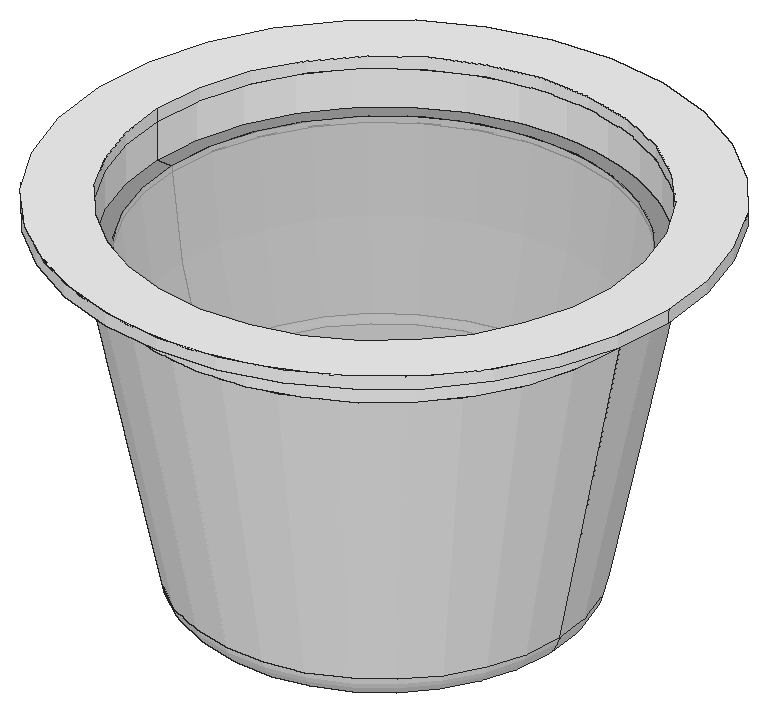
Revit family "2059156 Lighting Fixture_Sylvania_Ascent 100 Deco(120)-High Output_Ceiling Recessed", category Lighting Fixtures, host Face, Revit 2017
Family settings
  Host = Face
  Round Connector Dimension = Use Diameter
  Part Type = Normal
  OmniClass Number = 23.80.70.11.17
  OmniClass Title = Specialized Lighting by Location or Use
  Cut with Voids When Loaded = No
  Light Source = Yes
  Shared = No
  Room Calculation Point = No
Parameters (values of type "Asct100 Deco HO 3K STDEMG 120")
  Reflector Radius = Radius - 15.0 mm  # 60.0 mm
  Reflector Material = Aluminium_Sylvania_Ascent_Silver
  Radius = 75.0 mm
  Life = "50 000h"  # constant formula
  IP Rating = "IP44"  # constant formula
  IK Rating = "IK02"  # constant formula
  Height = 94.0 mm
  Wattage = 1.56173 W
  built-in parameter 1150110 = 1 (stored number, unit not read)
  Voltage Comments = "UNV (Universal Voltage; 220-240 Volt)"  # constant formula
  Voltage = 240 V  # constant formula
  URL = "https://www.sylvania-lighting.com/"
  built-in parameter 1114217 = 1 (stored number, unit not read)
  Tilt Angle = -90°
  built-in parameter 1150109 = 1 (stored number, unit not read)
  built-in parameter 1150134 = (empty or 0)
  built-in parameter 1150113 = 1 (stored number, unit not read)
  Product Page URL = "https://www.sylvania-lighting.com/product/en-int/products/2059156"
  Product Family = "Ascent 100 Deco (120) - High Output"  # constant formula
  Photometry Comments = ""
  Photometric Web File = "2059156_Asct100DecoHO3KSTDEMG120-188860.ies"
  Glow Wire Test = 850 °C
  Emit from Circle Diameter = 2 * Diffuser Radius  # 112.0 mm
  Emit Shape Visible in Rendering = no
  Drive Current = "500mA"  # constant formula
  Diffuser Radius = Reflector Radius - 4.0 mm  # 56.0 mm
  Diffuser Material = Polycarbonate_Sylvania_Ascent_Clear
  Diameter = 2 * Radius  # 150.0 mm
  Cutout Diameter = Diameter - 11.0 mm  # 139.0 mm
  built-in parameter 1114216 [instance] = 1 (stored number, unit not read)
  Model = "Asct100 Deco HO 3K STDEMG 120"
  Manufacturer = "Feilo-Sylvania Group"
  built-in parameter 1150105 = 87.876 (stored number, unit not read)
  Lumens = 158 lm
  built-in parameter 1150115 = 1 (stored number, unit not read)
  built-in parameter 1150137 = (empty or 0)
  built-in parameter 1150139 = (empty or 0)
  built-in parameter 1150112 = 1 (stored number, unit not read)
  built-in parameter 1150114 = 1 (stored number, unit not read)
  Lamp = "Integrated LED"
  built-in parameter 1150132 = 2
  built-in parameter 1150102 = (empty or 0)
  built-in parameter 1150107 = 3000 (stored number, unit not read)
  built-in parameter 1150138 = (empty or 0)
  built-in parameter 1150106 = 0.87876 (stored number, unit not read)
  Body Material = Aluminum_Sylvania_Ascent_White
  built-in parameter 1150104 = 9.399 (stored number, unit not read)
  Dimming Lamp Color Temperature Shift = <None>
  Description = "Direct LED retro fit for original LED 100 Deco (120) single CFL lamp offering Matching lumen levels and improved light distribution of original LED 100 CFL lamp equivalents Typically half the power consumption compared to CFL Up to 104lm/W 120mm aperture Decorative reflector accepts snap fit polycarbonate accessories from existing LED 100 Deco 120 offering New kometa accessory ring creates a diffused indirect halo of light onto the ceiling for decorative effect HE, HO and VHO versions equivalent of single 1 x 13W, 1 x 18W, 1 x 26W Additional VVHO versions which offer the performance circa 2 x 26W equivalent"  # constant formula
  Default Elevation = 0.0 mm
  Color Filter = 16777215
  Catalog Number = "2059156 Asct100 Deco HO 3K STDEMG 120"
  built-in parameter 1140040 [instance] = 1
  built-in parameter 1114218 = 1 (stored number, unit not read)
  built-in parameter 1150133 = 10 (stored number, unit not read)
  Assembly Code = "D5020200"
  Apparent Load Comments = ""
  Apparent Load = 9 VA
  Aperture = 2 * Reflector Radius  # 120.0 mm
Reference planes
  plane 1 "Center (Front/Back)": y = 0
  plane 2: z = 0
  plane 3 "Center (Left/Right)": x = 0
  plane 4 "Fixture Bottom": z = 3
  plane 5: z = -53.5
  plane 6 "Fixture Top": z = -91
  plane 7: z = -9
  plane 8: z = -10.5
Forms (mm)
  Extrusion 1, solid, material "Aluminum_Sylvania_Ascent_White" <- "Body Material", detail levels fine
    sketch origin (0, 0, 0) x (1, 0, 0) y (0, 1, 0)
      loop
        circle (0, 0) r 75
      loop
        circle (0, 0) r 60
    from 0 to 3
  Extrusion 2, void
    sketch origin (0, 0, 0) x (1, 0, 0) y (0, 1, 0)
      loop
        circle (0, 0) r 69.5
    from -91 to 3
  Revolve 3, solid, material "Aluminum_Sylvania_Ascent_White" <- "Body Material", detail levels fine
    sketch origin (0, 0, 0) x (1, 0, 0) y (0, 0, 1)
      loop
        line (-62, 0) -> (-62, -10.5) -> (-46.236, -84.663)
        arc (-46.236, -84.663) -> (-43.445, -89.217) -> (-38.411, -91) r 8
        line (-38.411, -91) -> (0, -91) -> (0, -89) -> (-38.456, -89)
        arc (-38.456, -89) -> (-42.232, -87.663) -> (-44.324, -84.247) r 6
        line (-44.324, -84.247) -> (-60, -10.5) -> (-60, 0) -> (-62, 0)
      axis (0, -91) -> (0, 0)
    angle from 0 to 360
  Revolve 4, solid, material "Aluminium_Sylvania_Ascent_Silver" <- "Reflector Material", detail levels fine
    sketch origin (0, 0, 0) x (1, 0, 0) y (0, 0, 1)
      loop
        line (-60, -9) -> (-60, -10.5) -> (-57, -10.5)
        arc (-57, -10.5) -> (-54.319, -31.239) -> (-48.971, -51.454) r 160.868
        arc (-48.971, -51.454) -> (-47.878, -52.935) -> (-46.127, -53.5) r 3
        line (-46.127, -53.5) -> (-38, -53.5)
        arc (-38, -53.5) -> (-36.855, -62.037) -> (-33.5, -69.971) r 32.394
        line (-33.5, -69.971) -> (0, -69.971) -> (0, -52.5) -> (-46.127, -52.5)
        arc (-46.127, -52.5) -> (-47.294, -52.124) -> (-48.023, -51.136) r 2
        arc (-48.023, -51.136) -> (-53.335, -31.062) -> (-56, -10.468) r 159.868
        line (-56, -10.468) -> (-56, -9) -> (-60, -9)
      axis (0, -9) -> (0, -69.971)
    angle from 0 to 360
  Extrusion 5, solid, material "Polycarbonate_Sylvania_Ascent_Clear" <- "Diffuser Material", detail levels fine
    sketch origin (0, 0, 0) x (1, 0, 0) y (0, 1, 0)
      loop
        circle (0, 0) r 56
    from -10.5 to -9
  Revolve 6, solid, material "Aluminum_Sylvania_Ascent_White" <- "Body Material", detail levels coarse+medium
    sketch origin (0, 0, 0) x (1, 0, 0) y (0, 0, 1)
      loop
        line (-75, 0) -> (-62, 0) -> (-62, -10.5) -> (-46.236, -84.663)
        arc (-46.236, -84.663) -> (-43.445, -89.217) -> (-38.411, -91) r 8
        line (-38.411, -91) -> (0, -91) -> (0, 3) -> (-75, 3) -> (-75, 0)
      axis (0, -91) -> (0, 3)
    angle from 0 to 360
Cuts and joins
  joined: Extrusion 1, Revolve 3
Dimensions and locks
  plane 4 "Fixture Bottom" to plane 2 to plane 7 to plane 8 to plane 5 = 3.0 mm locked, 9.0 mm locked, 1.5 mm locked, 43.0 mm locked
  "Height": plane 4 "Fixture Bottom" to plane 6 "Fixture Top"
  "Reflector Radius": plane 3 "Center (Left/Right)" to Revolve 4 sketch curve
  Revolve 4 sketch curve to Revolve 4 sketch curve = 4.0 mm
  Revolve 4 sketch curve to Revolve 4 sketch curve = 1.0 mm
  Revolve 4 sketch curve to Revolve 4 sketch curve to Revolve 4 sketch curve to Revolve 4 sketch curve to Revolve 4 sketch curve = 11.029 mm locked, 2.844 mm locked, 8.127 mm locked, 4.5 mm locked
  "Reflector Radius": plane 3 "Center (Left/Right)" to Revolve 3 sketch curve
  locked: Revolve 3 sketch curve to Revolve 3 sketch curve at 2
  Revolve 3 sketch curve to Revolve 3 sketch curve to Revolve 3 sketch curve = 13.764 mm locked, 7.825 mm locked
  "Radius": Revolve 6 sketch curve to plane 3 "Center (Left/Right)"
  Revolve 6 sketch curve to Revolve 6 sketch curve to Revolve 6 sketch curve to Revolve 6 sketch curve = 13.0 mm locked, 15.764 mm locked, 7.825 mm locked
  "Cutout Diameter": diameter of Extrusion 2 sketch curve
  "Reflector Radius": radius of Extrusion 1 sketch curve
  "Diffuser Radius": radius of Extrusion 5 sketch curve
  "Radius": radius of Extrusion 1 sketch curve
  aligned and locked: host face to plane 2
  aligned and locked: host face to level
  aligned and locked: plane 1 "Center (Front/Back)" to imposter light
  aligned and locked: plane 3 "Center (Left/Right)" to imposter light
  aligned and locked: plane 4 "Fixture Bottom" to Extrusion 1
  aligned and locked: Extrusion 1 to plane 2
  aligned and locked: Revolve 4 sketch curve to plane 3 "Center (Left/Right)"  (x2)
  aligned and locked: plane 6 "Fixture Top" to Extrusion 2
  aligned and locked: plane 7 to Revolve 4 sketch curve
  aligned and locked: Revolve 4 sketch curve to plane 8
  aligned and locked: imposter light to Extrusion 2
  aligned and locked: plane 7 to Extrusion 5
  aligned and locked: Extrusion 5 to plane 8
  aligned and locked: imposter light to plane 4 "Fixture Bottom"
  aligned and locked: Revolve 3 sketch curve to plane 2
  aligned and locked: plane 8 to Revolve 3 sketch curve  (x2)
  aligned and locked: Revolve 3 sketch curve to plane 6 "Fixture Top"
  aligned and locked: imposter light to Revolve 3 sketch curve
  aligned and locked: imposter light to Revolve 6 sketch curve
  aligned and locked: Revolve 6 sketch curve to imposter light
Automatic sketch dimensions
  plane 1 "Center (Front/Back)" to Extrusion 2 sketch curve = 0.0 mm
  Extrusion 2 sketch curve to plane 3 "Center (Left/Right)" = 0.0 mm
  Extrusion 1 sketch curve to Extrusion 1 sketch curve = 0.0 mm  (x2)
  plane 1 "Center (Front/Back)" to Extrusion 1 sketch curve = 0.0 mm
  Extrusion 1 sketch curve to plane 3 "Center (Left/Right)" = 0.0 mm
  plane 1 "Center (Front/Back)" to Extrusion 5 sketch curve = 0.0 mm
  Extrusion 5 sketch curve to plane 3 "Center (Left/Right)" = 0.0 mm
  host sketch curve to host sketch curve = 1368.192 mm
  host sketch curve to host sketch curve = 1399.962 mm
  Revolve 4 sketch curve to plane 5 = 0.0 mm
  Revolve 4 sketch curve to plane 5 = 16.471 mm
  plane 8 to Revolve 4 sketch curve = 0.032 mm
  Revolve 4 sketch curve to Revolve 4 sketch curve = 0.0 mm  (x5)
  Revolve 4 sketch curve to level = 0.289 mm
  Revolve 4 sketch curve to Revolve 4 sketch curve = 2.387 mm
  plane 4 "Fixture Bottom" to Revolve 4 sketch curve = 9.642 mm
  Revolve 4 sketch curve to Revolve 4 sketch curve = 0.948 mm
  Revolve 3 sketch curve to plane 6 "Fixture Top" = 6.337 mm
  Revolve 3 sketch curve to Revolve 3 sketch curve = 1.912 mm
  Revolve 3 sketch curve to plane 6 "Fixture Top" = 6.753 mm
  Revolve 3 sketch curve to Revolve 3 sketch curve = 0.045 mm
  Revolve 3 sketch curve to Revolve 3 sketch curve = 2.0 mm
  Revolve 3 sketch curve to plane 3 "Center (Left/Right)" = 0.0 mm
  plane 6 "Fixture Top" to Revolve 3 sketch curve = 210.8 mm
  plane 4 "Fixture Bottom" to Revolve 3 sketch curve = 304.8 mm
  Revolve 6 sketch curve to plane 8 = 0.0 mm
  Revolve 6 sketch curve to plane 6 "Fixture Top" = 0.0 mm
  Revolve 6 sketch curve to plane 6 "Fixture Top" = 6.337 mm
  Revolve 6 sketch curve to level = 0.0 mm
  plane 3 "Center (Left/Right)" to Revolve 6 sketch curve = 0.0 mm
  plane 6 "Fixture Top" to Revolve 6 sketch curve = 210.8 mm
  plane 4 "Fixture Bottom" to Revolve 6 sketch curve = 304.8 mm
Connectors
  electrical at (0, 0, -91), driven by "Voltage", driven by "Apparent Load"
    settings: index 1, voltage 240 V, apparent load 0 VA, apparent load phase1 9 VA, apparent load phase2 0 VA, apparent load phase3 0 VA, power factor 1, load classification "Lighting", number of poles 1, system type 31, power factor state 1, is connector primary yes, connector utility no, sub classification motor no, connector description ""
